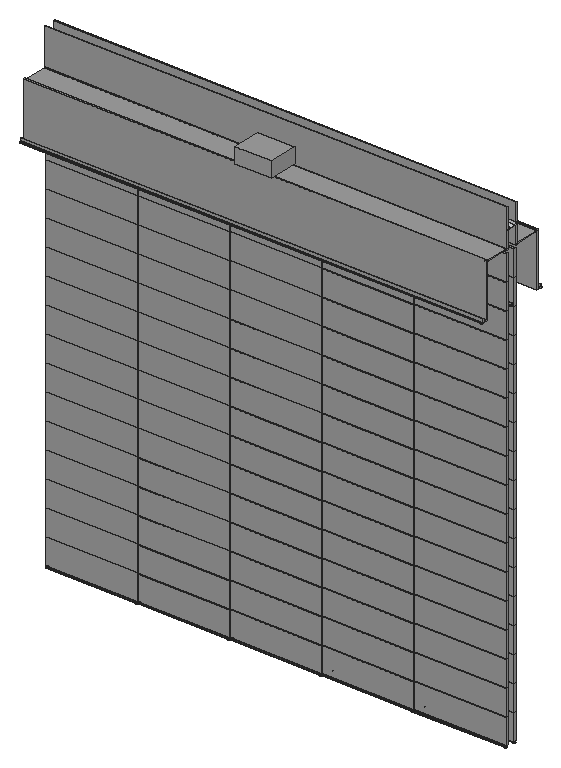
Revit family (continued)
Definition of nested family "2D Fold Panels"
  Lines and regions (in)
    detail lines, in view "Ref. Level"
      curve 14: line (-54.64888, 31.17531, 0) -> (-11.15205, 31.17531, 0)
      curve 15: line (-54.64888, 29.56525, 0) -> (-11.15205, 29.56525, 0)
      curve 16: line (-54.64888, 27.31525, 0) -> (-11.15205, 27.31525, 0)
      curve 17: line (-54.64888, 27.19025, 0) -> (-11.15205, 27.19025, 0)
      curve 18: line (-54.64888, 24.94025, 0) -> (-11.15205, 24.94025, 0)
      curve 19: line (-54.64888, 23.33019, 0) -> (-11.15205, 23.33019, 0)
      curve 20: line (-54.64888, 21.08019, 0) -> (-11.15205, 21.08019, 0)
      curve 21: line (-54.64888, 20.95519, 0) -> (-11.15205, 20.95519, 0)
      curve 22: line (-54.64888, 18.70519, 0) -> (-11.15205, 18.70519, 0)
      curve 23: line (-54.64888, 17.09513, 0) -> (-11.15205, 17.09513, 0)
      curve 24: line (-54.64888, 14.84513, 0) -> (-11.15205, 14.84513, 0)
      curve 25: line (-54.64888, 14.72013, 0) -> (-11.15205, 14.72013, 0)
      curve 26: line (-54.64888, 12.47013, 0) -> (-11.15205, 12.47013, 0)
      curve 27: line (-54.64888, 10.86006, 0) -> (-11.15205, 10.86006, 0)
      curve 28: line (-54.64888, 8.61006, 0) -> (-11.15205, 8.61006, 0)
      curve 29: line (-54.64888, 8.48506, 0) -> (-11.15205, 8.48506, 0)
      curve 30: line (-54.64888, 6.23506, 0) -> (-11.15205, 6.23506, 0)
      curve 31: line (-54.64888, 4.625, 0) -> (-11.15205, 4.625, 0)
      curve 32: line (-54.64888, 2.375, 0) -> (-11.15205, 2.375, 0)
      curve 33: line (-54.64888, 2.25, 0) -> (-11.15205, 2.25, 0)
      curve 34: line (-54.64888, 0, 0) -> (-11.15205, 0, 0)
      curve 35: line (55.67267, 52.1305, 0) -> (6.17584, 52.1305, 0)
      curve 36: line (55.67267, 49.8805, 0) -> (6.17584, 49.8805, 0)
      curve 37: line (55.67267, 48.27044, 0) -> (6.17584, 48.27044, 0)
      curve 38: line (55.67267, 46.02044, 0) -> (6.17584, 46.02044, 0)
      curve 39: line (55.67267, 45.89544, 0) -> (6.17584, 45.89544, 0)
      curve 40: line (55.67267, 43.64544, 0) -> (6.17584, 43.64544, 0)
      curve 41: line (55.67267, 42.03538, 0) -> (6.17584, 42.03538, 0)
      curve 42: line (55.67267, 39.78538, 0) -> (6.17584, 39.78538, 0)
      curve 43: line (55.67267, 39.66038, 0) -> (6.17584, 39.66038, 0)
      curve 44: line (55.67267, 37.41038, 0) -> (6.17584, 37.41038, 0)
      curve 45: line (55.67267, 35.80031, 0) -> (6.17584, 35.80031, 0)
      curve 46: line (55.67267, 33.55031, 0) -> (6.17584, 33.55031, 0)
      curve 47: line (55.67267, 33.42531, 0) -> (6.17584, 33.42531, 0)
      curve 48: line (55.67267, 31.17531, 0) -> (6.17584, 31.17531, 0)
      curve 49: line (55.67267, 29.56525, 0) -> (6.17584, 29.56525, 0)
      curve 50: line (55.67267, 27.31525, 0) -> (6.17584, 27.31525, 0)
      curve 51: line (55.67267, 27.19025, 0) -> (6.17584, 27.19025, 0)
      curve 52: line (55.67267, 24.94025, 0) -> (6.17584, 24.94025, 0)
      curve 53: line (55.67267, 23.33019, 0) -> (6.17584, 23.33019, 0)
      curve 54: line (55.67267, 21.08019, 0) -> (6.17584, 21.08019, 0)
      curve 55: line (55.67267, 20.95519, 0) -> (6.17584, 20.95519, 0)
      curve 56: line (55.67267, 18.70519, 0) -> (6.17584, 18.70519, 0)
      curve 57: line (55.67267, 17.09513, 0) -> (6.17584, 17.09513, 0)
      curve 58: line (55.67267, 14.84513, 0) -> (6.17584, 14.84513, 0)
      curve 59: line (55.67267, 14.72013, 0) -> (6.17584, 14.72013, 0)
      curve 60: line (55.67267, 12.47013, 0) -> (6.17584, 12.47013, 0)
      curve 61: line (55.67267, 10.86006, 0) -> (6.17584, 10.86006, 0)
      curve 62: line (55.67267, 8.61006, 0) -> (6.17584, 8.61006, 0)
      curve 63: line (55.67267, 8.48506, 0) -> (6.17584, 8.48506, 0)
      curve 64: line (55.67267, 6.23506, 0) -> (6.17584, 6.23506, 0)
      curve 65: line (55.67267, 4.625, 0) -> (6.17584, 4.625, 0)
      curve 66: line (55.67267, 2.375, 0) -> (6.17584, 2.375, 0)
      curve 67: line (55.67267, 2.25, 0) -> (6.17584, 2.25, 0)
      curve 68: line (55.67267, 0, 0) -> (6.17584, 0, 0)
      curve 69: line (-60.64888, 52.1305, 0) -> (-11.15205, 52.1305, 0)
      curve 70: line (-60.64888, 49.8805, 0) -> (-11.15205, 49.8805, 0)
      curve 71: line (-60.64888, 48.27044, 0) -> (-11.15205, 48.27044, 0)
      curve 72: line (-60.64888, 46.02044, 0) -> (-11.15205, 46.02044, 0)
      curve 73: line (-60.64888, 45.89544, 0) -> (-11.15205, 45.89544, 0)
      curve 74: line (-60.64888, 43.64544, 0) -> (-11.15205, 43.64544, 0)
      curve 75: line (-60.64888, 42.03538, 0) -> (-11.15205, 42.03538, 0)
      curve 76: line (-60.64888, 39.78538, 0) -> (-11.15205, 39.78538, 0)
      curve 77: line (-60.64888, 39.66038, 0) -> (-11.15205, 39.66038, 0)
      curve 78: line (-60.64888, 37.41038, 0) -> (-11.15205, 37.41038, 0)
      curve 79: line (-60.64888, 35.80031, 0) -> (-11.15205, 35.80031, 0)
      curve 80: line (-60.64888, 33.55031, 0) -> (-11.15205, 33.55031, 0)
      curve 81: line (-60.64888, 33.42531, 0) -> (-11.15205, 33.42531, 0)
      curve 82: line (-60.64888, 31.17531, 0) -> (-11.15205, 31.17531, 0)
      curve 83: line (-60.64888, 29.56525, 0) -> (-11.15205, 29.56525, 0)
      curve 84: line (-60.64888, 27.31525, 0) -> (-11.15205, 27.31525, 0)
      curve 85: line (-60.64888, 27.19025, 0) -> (-11.15205, 27.19025, 0)
      curve 86: line (-60.64888, 24.94025, 0) -> (-11.15205, 24.94025, 0)
      curve 87: line (-60.64888, 23.33019, 0) -> (-11.15205, 23.33019, 0)
      curve 88: line (-60.64888, 21.08019, 0) -> (-11.15205, 21.08019, 0)
      curve 89: line (-60.64888, 20.95519, 0) -> (-11.15205, 20.95519, 0)
      curve 90: line (-60.64888, 18.70519, 0) -> (-11.15205, 18.70519, 0)
      curve 91: line (-60.64888, 17.09513, 0) -> (-11.15205, 17.09513, 0)
      curve 92: line (-60.64888, 14.84513, 0) -> (-11.15205, 14.84513, 0)
      curve 93: line (-60.64888, 14.72013, 0) -> (-11.15205, 14.72013, 0)
      curve 94: line (-60.64888, 12.47013, 0) -> (-11.15205, 12.47013, 0)
      curve 95: line (-60.64888, 10.86006, 0) -> (-11.15205, 10.86006, 0)
      curve 96: line (-60.64888, 8.61006, 0) -> (-11.15205, 8.61006, 0)
      curve 97: line (-60.64888, 8.48506, 0) -> (-11.15205, 8.48506, 0)
      curve 98: line (-60.64888, 6.23506, 0) -> (-11.15205, 6.23506, 0)
      curve 99: line (-60.64888, 4.625, 0) -> (-11.15205, 4.625, 0)
      curve 100: line (-60.64888, 2.375, 0) -> (-11.15205, 2.375, 0)
      curve 101: line (-60.64888, 2.25, 0) -> (-11.15205, 2.25, 0)
      curve 102: line (-60.64888, 0, 0) -> (-11.15205, 0, 0)
  Dimensions and locks (in)
    equal spacing: plane 4, plane 3 "Center (Left/Right)", plane 5
    locked: plane 4 to plane 5 at 6.5
    "Panel_Height": plane 6 to plane 4
    "Panel_Height": plane 5 to plane 7
    aligned and locked: nested 2 to plane 4
    aligned and locked: nested 4 to plane 5
    aligned and locked: nested 1 to plane 1 "Center (Front/Back)"
    aligned and locked: plane 1 "Center (Front/Back)" to nested 2
    aligned and locked: nested 4 to plane 1 "Center (Front/Back)"
    aligned and locked: nested 3 to plane 1 "Center (Front/Back)"
    aligned and locked: plane 6 to nested 1
    aligned and locked: plane 7 to nested 3
  Automatic sketch dimensions
    plane 1 "Center (Front/Back)" to curve 102 = 0' - 0"
    plane 1 "Center (Front/Back)" to curve 34 = 0' - 0"
    curve 17 to plane 8 = 0' - 0"
    curve 101 to plane 8 = 0' - 0"
    curve 34 to plane 8 = 0' - 0"
    curve 100 to plane 8 = 0' - 0"
    curve 16 to plane 8 = 0' - 0"
    curve 99 to plane 8 = 0' - 0"
    curve 33 to plane 8 = 0' - 0"
    curve 98 to plane 8 = 0' - 0"
    curve 15 to plane 8 = 0' - 0"
    curve 97 to plane 8 = 0' - 0"
    curve 32 to plane 8 = 0' - 0"
    curve 96 to plane 8 = 0' - 0"
    curve 14 to plane 8 = 0' - 0"
    curve 95 to plane 8 = 0' - 0"
    curve 31 to plane 8 = 0' - 0"
    curve 94 to plane 8 = 0' - 0"
    curve 13 to plane 8 = 0' - 0"
    curve 30 to plane 8 = 0' - 0"
    curve 29 to plane 8 = 0' - 0"
    curve 92 to plane 8 = 0' - 0"
    curve 12 to plane 8 = 0' - 0"
    curve 91 to plane 8 = 0' - 0"
    curve 28 to plane 8 = 0' - 0"
    curve 90 to plane 8 = 0' - 0"
    curve 11 to plane 8 = 0' - 0"
    curve 89 to plane 8 = 0' - 0"
    curve 27 to plane 8 = 0' - 0"
    curve 88 to plane 8 = 0' - 0"
    curve 10 to plane 8 = 0' - 0"
    curve 87 to plane 8 = 0' - 0"
    curve 26 to plane 8 = 0' - 0"
    curve 86 to plane 8 = 0' - 0"
    curve 9 to plane 8 = 0' - 0"
    curve 85 to plane 8 = 0' - 0"
    curve 102 to plane 8 = 0' - 0"
    curve 25 to plane 8 = 0' - 0"
    curve 84 to plane 8 = 0' - 0"
    curve 8 to plane 8 = 0' - 0"
    curve 83 to plane 8 = 0' - 0"
    curve 24 to plane 8 = 0' - 0"
    curve 82 to plane 8 = 0' - 0"
    curve 7 to plane 8 = 0' - 0"
    curve 81 to plane 8 = 0' - 0"
    curve 23 to plane 8 = 0' - 0"
    curve 80 to plane 8 = 0' - 0"
    curve 6 to plane 8 = 0' - 0"
    curve 79 to plane 8 = 0' - 0"
    curve 22 to plane 8 = 0' - 0"
    curve 78 to plane 8 = 0' - 0"
    curve 5 to plane 8 = 0' - 0"
    curve 77 to plane 8 = 0' - 0"
    curve 21 to plane 8 = 0' - 0"
    curve 76 to plane 8 = 0' - 0"
    curve 4 to plane 8 = 0' - 0"
    curve 75 to plane 8 = 0' - 0"
    curve 20 to plane 8 = 0' - 0"
    curve 74 to plane 8 = 0' - 0"
    curve 3 to plane 8 = 0' - 0"
    curve 73 to plane 8 = 0' - 0"
    curve 19 to plane 8 = 0' - 0"
    curve 72 to plane 8 = 0' - 0"
    curve 2 to plane 8 = 0' - 0"
    curve 71 to plane 8 = 0' - 0"
    curve 18 to plane 8 = 0' - 0"
    curve 70 to plane 8 = 0' - 0"
    curve 1 to plane 8 = 0' - 0"
    curve 69 to plane 8 = 0' - 0"
    curve 93 to plane 8 = 0' - 0"
    plane 1 "Center (Front/Back)" to curve 68 = 0' - 0"
    plane 6 to curve 69 = 0' - 5.08923"
    curve 101 to plane 1 "Center (Front/Back)" = 0' - 2 1/4"
    plane 6 to curve 101 = 0' - 5.08923"
    curve 100 to curve 101 = 0' - 0"
    curve 99 to curve 100 = 0' - 0"
    curve 98 to curve 99 = 0' - 0"
    curve 97 to curve 98 = 0' - 0"
    curve 96 to curve 97 = 0' - 0"
    curve 95 to curve 96 = 0' - 0"
    curve 94 to curve 95 = 0' - 0"
    curve 93 to curve 94 = 0' - 0"
    curve 92 to curve 93 = 0' - 0"
    curve 91 to curve 92 = 0' - 0"
    curve 90 to curve 91 = 0' - 0"
    curve 89 to curve 90 = 0' - 0"
    curve 88 to curve 89 = 0' - 0"
    curve 87 to curve 88 = 0' - 0"
    curve 86 to curve 87 = 0' - 0"
    curve 85 to curve 86 = 0' - 0"
    curve 84 to curve 85 = 0' - 0"
    curve 83 to curve 84 = 0' - 0"
    curve 82 to curve 83 = 0' - 0"
    curve 81 to curve 82 = 0' - 0"
    curve 80 to curve 81 = 0' - 0"
    curve 79 to curve 80 = 0' - 0"
    curve 78 to curve 79 = 0' - 0"
    curve 77 to curve 78 = 0' - 0"
    curve 76 to curve 77 = 0' - 0"
    curve 75 to curve 76 = 0' - 0"
    curve 74 to curve 75 = 0' - 0"
    curve 73 to curve 74 = 0' - 0"
    curve 72 to curve 73 = 0' - 0"
    curve 71 to curve 72 = 0' - 0"
    curve 70 to curve 71 = 0' - 0"
    curve 102 to curve 101 = 0' - 0"
    plane 5 to curve 68 = 0' - 5.41394"
    plane 5 to curve 36 = 0' - 5.41394"
    curve 67 to curve 68 = 0' - 0"
    curve 37 to curve 36 = 0' - 0"
    curve 66 to curve 67 = 0' - 0"
    curve 38 to curve 37 = 0' - 0"
    curve 65 to curve 66 = 0' - 0"
    curve 39 to curve 38 = 0' - 0"
    curve 64 to curve 65 = 0' - 0"
    curve 40 to curve 39 = 0' - 0"
    curve 63 to curve 64 = 0' - 0"
    curve 41 to curve 40 = 0' - 0"
    curve 62 to curve 63 = 0' - 0"
    curve 42 to curve 41 = 0' - 0"
    curve 61 to curve 62 = 0' - 0"
    curve 43 to curve 42 = 0' - 0"
    curve 60 to curve 61 = 0' - 0"
    curve 44 to curve 43 = 0' - 0"
    curve 59 to curve 60 = 0' - 0"
    curve 45 to curve 44 = 0' - 0"
    curve 58 to curve 59 = 0' - 0"
    curve 46 to curve 45 = 0' - 0"
    curve 57 to curve 58 = 0' - 0"
    curve 47 to curve 46 = 0' - 0"
    curve 56 to curve 57 = 0' - 0"
    curve 48 to curve 47 = 0' - 0"
    curve 55 to curve 56 = 0' - 0"
    curve 49 to curve 48 = 0' - 0"
    curve 54 to curve 55 = 0' - 0"
    curve 50 to curve 49 = 0' - 0"
    curve 53 to curve 54 = 0' - 0"  (x2)
    curve 51 to curve 50 = 0' - 0"
    curve 52 to curve 53 = 0' - 0"  (x2)
    curve 35 to curve 36 = 0' - 0"  (x2)
    curve 51 to plane 7 = 0' - 5.08923"
    curve 54 to plane 7 = 0' - 5.08923"
    curve 50 to curve 51 = 0' - 0"
    curve 55 to curve 54 = 0' - 0"
    curve 49 to curve 50 = 0' - 0"
    curve 56 to curve 55 = 0' - 0"
    curve 48 to curve 49 = 0' - 0"
    curve 57 to curve 56 = 0' - 0"
    curve 47 to curve 48 = 0' - 0"
    curve 58 to curve 57 = 0' - 0"
    curve 46 to curve 47 = 0' - 0"
    curve 59 to curve 58 = 0' - 0"
    curve 45 to curve 46 = 0' - 0"
    curve 60 to curve 59 = 0' - 0"
    curve 44 to curve 45 = 0' - 0"
    curve 61 to curve 60 = 0' - 0"
    curve 43 to curve 44 = 0' - 0"
    curve 62 to curve 61 = 0' - 0"
    curve 42 to curve 43 = 0' - 0"
    curve 63 to curve 62 = 0' - 0"
    curve 41 to curve 42 = 0' - 0"
    curve 64 to curve 63 = 0' - 0"
    curve 40 to curve 41 = 0' - 0"
    curve 65 to curve 64 = 0' - 0"
    curve 39 to curve 40 = 0' - 0"
    curve 66 to curve 65 = 0' - 0"
    curve 38 to curve 39 = 0' - 0"
    curve 67 to curve 66 = 0' - 0"
    curve 37 to curve 38 = 0' - 0"
    curve 68 to curve 67 = 0' - 0"
    curve 36 to curve 37 = 0' - 0"
    curve 67 to plane 1 "Center (Front/Back)" = 0' - 2 1/4"
    curve 33 to plane 1 "Center (Front/Back)" = 0' - 2 1/4"
    curve 101 to curve 100 = 0' - 0 1/8"
    curve 33 to curve 32 = 0' - 0 1/8"
    curve 67 to curve 66 = 0' - 0 1/8"
    curve 100 to curve 31 = 0' - 2 1/4"
    curve 66 to curve 65 = 0' - 2 1/4"
    curve 99 to curve 31 = 0' - 0"
    curve 31 to curve 30 = 0' - 1.61006"
    curve 65 to curve 64 = 0' - 1.61006"
    curve 99 to curve 98 = 0' - 1.61006"
    curve 64 to curve 63 = 0' - 2 1/4"
    curve 98 to curve 97 = 0' - 2 1/4"
    curve 29 to curve 97 = 0' - 0"
    curve 63 to curve 62 = 0' - 0 1/8"
    curve 97 to curve 28 = 0' - 0 1/8"
    curve 96 to curve 28 = 0' - 0"
    curve 96 to curve 95 = 0' - 2 1/4"
    curve 28 to curve 27 = 0' - 2 1/4"
    curve 62 to curve 61 = 0' - 2 1/4"
    curve 95 to curve 94 = 0' - 1.61006"
    curve 27 to curve 26 = 0' - 1.61006"
    curve 61 to curve 60 = 0' - 1.61006"
    curve 94 to curve 25 = 0' - 2 1/4"
    curve 60 to curve 59 = 0' - 2 1/4"
    curve 93 to curve 25 = 0' - 0"
    curve 93 to curve 24 = 0' - 0 1/8"
    curve 93 to curve 92 = 0' - 0 1/8"
    curve 59 to curve 58 = 0' - 0 1/8"
    curve 24 to curve 23 = 0' - 2 1/4"
    curve 58 to curve 57 = 0' - 2 1/4"
    curve 91 to curve 23 = 0' - 0"
    curve 91 to curve 90 = 0' - 1.61006"
    curve 23 to curve 22 = 0' - 1.61006"
    curve 57 to curve 56 = 0' - 1.61006"
    curve 90 to curve 89 = 0' - 2 1/4"
    curve 56 to curve 55 = 0' - 2 1/4"
    curve 22 to curve 21 = 0' - 2 1/4"
    curve 89 to curve 88 = 0' - 0 1/8"
    curve 20 to curve 88 = 0' - 0"
    curve 55 to curve 54 = 0' - 0 1/8"
    curve 88 to curve 87 = 0' - 2 1/4"
    curve 20 to curve 19 = 0' - 2 1/4"
    curve 54 to curve 53 = 0' - 2 1/4"
    curve 87 to curve 86 = 0' - 1.61006"
    curve 19 to curve 18 = 0' - 1.61006"
    curve 53 to curve 52 = 0' - 1.61006"
    curve 52 to curve 51 = 0' - 2 1/4"
    curve 86 to curve 17 = 0' - 2 1/4"
    curve 85 to curve 17 = 0' - 0"
    curve 51 to curve 50 = 0' - 0 1/8"
    curve 17 to curve 16 = 0' - 0 1/8"
    curve 85 to curve 84 = 0' - 0 1/8"
    curve 50 to curve 49 = 0' - 2 1/4"
    curve 84 to curve 83 = 0' - 2 1/4"
    curve 16 to curve 15 = 0' - 2 1/4"
    curve 83 to curve 82 = 0' - 1.61006"
    curve 15 to curve 14 = 0' - 1.61006"
    curve 49 to curve 48 = 0' - 1.61006"
    curve 82 to curve 81 = 0' - 2 1/4"
    curve 14 to curve 13 = 0' - 2 1/4"
    curve 48 to curve 47 = 0' - 2 1/4"
    curve 81 to curve 12 = 0' - 0 1/8"
    curve 47 to curve 46 = 0' - 0 1/8"
    curve 80 to curve 12 = 0' - 0"
    curve 12 to curve 11 = 0' - 2 1/4"
    curve 79 to curve 11 = 0' - 0"
    curve 46 to curve 45 = 0' - 2 1/4"
    curve 45 to curve 44 = 0' - 1.61006"
    curve 79 to curve 78 = 0' - 1.61006"
    curve 10 to curve 78 = 0' - 0"
    curve 44 to curve 43 = 0' - 2 1/4"
    curve 78 to curve 77 = 0' - 2 1/4"
    curve 10 to curve 9 = 0' - 2 1/4"
    curve 77 to curve 76 = 0' - 0 1/8"
    curve 8 to curve 76 = 0' - 0"
    curve 43 to curve 42 = 0' - 0 1/8"
    curve 42 to curve 41 = 0' - 2 1/4"
    curve 76 to curve 75 = 0' - 2 1/4"
    curve 7 to curve 75 = 0' - 0"
    curve 75 to curve 74 = 0' - 1.61006"
    curve 6 to curve 74 = 0' - 0"
    curve 41 to curve 40 = 0' - 1.61006"
    curve 74 to curve 73 = 0' - 2 1/4"
    curve 6 to curve 5 = 0' - 2 1/4"
    curve 40 to curve 39 = 0' - 2 1/4"
    curve 39 to curve 38 = 0' - 0 1/8"
    curve 73 to curve 72 = 0' - 0 1/8"
    curve 4 to curve 72 = 0' - 0"
    curve 38 to curve 37 = 0' - 2 1/4"
    curve 72 to curve 3 = 0' - 2 1/4"
    curve 71 to curve 3 = 0' - 0"
    curve 71 to curve 70 = 0' - 1.61006"
    curve 3 to curve 2 = 0' - 1.61006"
    curve 37 to curve 36 = 0' - 1.61006"
    curve 36 to curve 35 = 0' - 2 1/4"
    curve 70 to curve 69 = 0' - 2 1/4"
    curve 1 to curve 69 = 0' - 0"
    curve 86 to curve 18 = 0' - 6"
    curve 70 to curve 2 = 0' - 6"
    curve 19 to curve 18 = 0' - 0"
    curve 3 to curve 2 = 0' - 0"
    curve 20 to curve 19 = 0' - 0"
    curve 4 to curve 3 = 0' - 0"
    curve 21 to curve 20 = 0' - 0"
    curve 5 to curve 4 = 0' - 0"
    curve 22 to curve 21 = 0' - 0"
    curve 6 to curve 5 = 0' - 0"
    curve 23 to curve 22 = 0' - 0"
    curve 7 to curve 6 = 0' - 0"
    curve 24 to curve 23 = 0' - 0"
    curve 8 to curve 7 = 0' - 0"
    curve 25 to curve 24 = 0' - 0"
    curve 9 to curve 8 = 0' - 0"
    curve 26 to curve 25 = 0' - 0"
    curve 10 to curve 9 = 0' - 0"
    curve 27 to curve 26 = 0' - 0"
    curve 11 to curve 10 = 0' - 0"
    curve 28 to curve 27 = 0' - 0"
    curve 12 to curve 11 = 0' - 0"
    curve 29 to curve 28 = 0' - 0"
    curve 13 to curve 12 = 0' - 0"
    curve 30 to curve 29 = 0' - 0"
    curve 1 to curve 2 = 0' - 0"
    curve 31 to curve 30 = 0' - 0"
    curve 14 to curve 13 = 0' - 0"
    curve 32 to curve 31 = 0' - 0"
    curve 15 to curve 14 = 0' - 0"
    curve 33 to curve 32 = 0' - 0"
    curve 16 to curve 15 = 0' - 0"
    curve 34 to curve 33 = 0' - 0"
    curve 17 to curve 16 = 0' - 0"
  Nested families (in)
    nested 1: "Ext panels" at (-57.49724, 0, 0), type "Panels", in view "Ref. Level"
    nested 2: "Int Panels" at (11.93663, 0, 0), type "Panels", in view "Ref. Level"
    nested 3: "Ext panels" at (52.52102, 0, 0) x (-1, 0, 0) z (0, 0, 1), type "Panels", in view "Ref. Level"
    nested 4: "Int Panels" at (-16.91285, 0, 0) x (-1, 0, 0) z (0, 0, 1), type "Panels", in view "Ref. Level"
  Definition of nested family "Ext panels"
    Parameters (values of type "Panels")
      Assembly Code = ""
    Reference planes (in)
      plane 1 "Center (Front/Back)": y = 0
      plane 2: z = 0
      plane 3 "Center (Left/Right)": x = 0
    Lines and regions (in)
      model lines, style "DetailComponents", in view "Ref. Level"
        curve 1: arc (-9.21803, 50.92069, 0) -> (-9.39261, 51.38271, 0) -> (-8.90068, 51.4268, 0) r 0.31008
        curve 2: line (-3.15164, 2.25, 0) -> (-7.51926, 2.25, 0)
        curve 3: line (-7.51926, 2.25, 0) -> (-8.31196, 1.4573, 0)
        curve 4: line (-8.31196, 1.4573, 0) -> (-8.31196, 0, 0)
        curve 5: line (-8.31196, 0, 0) -> (-3.15164, 0, 0)
        curve 6: line (-3.15164, 49.8805, 0) -> (-8.24087, 49.8805, 0)
        curve 7: line (-8.24087, 49.8805, 0) -> (-8.2437, 50.13046, 0)
        curve 8: line (-8.2437, 50.13046, 0) -> (-9.21803, 50.92069, 0)
        curve 9: line (-8.90068, 51.4268, 0) -> (-8.34502, 50.51358, 0)
        curve 10: line (-8.34502, 50.51358, 0) -> (-8.20887, 50.50319, 0)
        curve 11: line (-8.20887, 50.50319, 0) -> (-8.20887, 50.6305, 0)
        curve 12: line (-8.20887, 50.6305, 0) -> (-7.94087, 50.6305, 0)
        curve 13: line (-7.94087, 50.6305, 0) -> (-7.94087, 51.3805, 0)
        curve 14: line (-7.94087, 51.3805, 0) -> (-7.19087, 52.1305, 0)
        curve 15: line (-7.19087, 52.1305, 0) -> (-3.15164, 52.1305, 0)
        curve 16: line (-3.15164, 39.78538, 0) -> (-7.45687, 39.78538, 0)
        curve 17: line (-7.45687, 39.78538, 0) -> (-8.24087, 40.56938, 0)
        curve 18: line (-8.24087, 40.56938, 0) -> (-8.24087, 42.03538, 0)
        curve 19: line (-8.24087, 42.03538, 0) -> (-3.15164, 42.03538, 0)
        curve 20: line (-3.15164, 37.41038, 0) -> (-8.24087, 37.41038, 0)
        curve 21: line (-8.24087, 37.41038, 0) -> (-8.24087, 38.87638, 0)
        curve 22: line (-8.24087, 38.87638, 0) -> (-7.45687, 39.66038, 0)
        curve 23: line (-7.45687, 39.66038, 0) -> (-3.15164, 39.66038, 0)
        curve 24: line (-3.15164, 2.375, 0) -> (-7.52796, 2.375, 0)
        curve 25: line (-7.52796, 2.375, 0) -> (-8.31196, 3.159, 0)
        curve 26: line (-8.31196, 3.159, 0) -> (-8.31196, 4.625, 0)
        curve 27: line (-8.31196, 4.625, 0) -> (-3.15164, 4.625, 0)
      detail lines, style "DetailComponents", in view "Ref. Level"
        curve 28: line (-3.15164, 8.61006, 0) -> (-7.45687, 8.61006, 0)
        curve 29: line (-7.45687, 8.61006, 0) -> (-8.24087, 9.39406, 0)
        curve 30: line (-8.24087, 9.39406, 0) -> (-8.24087, 10.86006, 0)
        curve 31: line (-8.24087, 10.86006, 0) -> (-3.15164, 10.86006, 0)
        curve 32: line (-3.15164, 6.23506, 0) -> (-8.24087, 6.23506, 0)
        curve 33: line (-8.24087, 6.23506, 0) -> (-8.24087, 7.70106, 0)
        curve 34: line (-8.24087, 7.70106, 0) -> (-7.45687, 8.48506, 0)
        curve 35: line (-7.45687, 8.48506, 0) -> (-3.15164, 8.48506, 0)
        curve 36: line (-3.15164, 14.84513, 0) -> (-7.45687, 14.84513, 0)
        curve 37: line (-7.45687, 14.84513, 0) -> (-8.24087, 15.62913, 0)
        curve 38: line (-8.24087, 15.62913, 0) -> (-8.24087, 17.09513, 0)
        curve 39: line (-8.24087, 17.09513, 0) -> (-3.15164, 17.09513, 0)
        curve 40: line (-3.15164, 12.47013, 0) -> (-8.24087, 12.47013, 0)
        curve 41: line (-8.24087, 12.47013, 0) -> (-8.24087, 13.93613, 0)
        curve 42: line (-8.24087, 13.93613, 0) -> (-7.45687, 14.72013, 0)
        curve 43: line (-7.45687, 14.72013, 0) -> (-3.15164, 14.72013, 0)
        curve 44: line (-2.92518, 21.08019, 0) -> (-7.23041, 21.08019, 0)
        curve 45: line (-7.23041, 21.08019, 0) -> (-8.01441, 21.86419, 0)
        curve 46: line (-8.01441, 21.86419, 0) -> (-8.01441, 23.33019, 0)
        curve 47: line (-8.01441, 23.33019, 0) -> (-2.92518, 23.33019, 0)
        curve 48: line (-2.92518, 18.70519, 0) -> (-8.01441, 18.70519, 0)
        curve 49: line (-8.01441, 18.70519, 0) -> (-8.01441, 20.17119, 0)
        curve 50: line (-8.01441, 20.17119, 0) -> (-7.23041, 20.95519, 0)
        curve 51: line (-7.23041, 20.95519, 0) -> (-2.92518, 20.95519, 0)
        curve 52: line (-2.92518, 27.31525, 0) -> (-7.23041, 27.31525, 0)
        curve 53: line (-7.23041, 27.31525, 0) -> (-8.01441, 28.09925, 0)
        curve 54: line (-8.01441, 28.09925, 0) -> (-8.01441, 29.56525, 0)
        curve 55: line (-8.01441, 29.56525, 0) -> (-2.92518, 29.56525, 0)
        curve 56: line (-2.92518, 24.94025, 0) -> (-8.01441, 24.94025, 0)
        curve 57: line (-8.01441, 24.94025, 0) -> (-8.01441, 26.40625, 0)
        curve 58: line (-8.01441, 26.40625, 0) -> (-7.23041, 27.19025, 0)
        curve 59: line (-7.23041, 27.19025, 0) -> (-2.92518, 27.19025, 0)
        curve 60: line (-3.15164, 33.55031, 0) -> (-7.45687, 33.55031, 0)
        curve 61: line (-7.45687, 33.55031, 0) -> (-8.24087, 34.33431, 0)
        curve 62: line (-8.24087, 34.33431, 0) -> (-8.24087, 35.80031, 0)
        curve 63: line (-8.24087, 35.80031, 0) -> (-3.15164, 35.80031, 0)
        curve 64: line (-3.15164, 31.17531, 0) -> (-8.24087, 31.17531, 0)
        curve 65: line (-8.24087, 31.17531, 0) -> (-8.24087, 32.64131, 0)
        curve 66: line (-8.24087, 32.64131, 0) -> (-7.45687, 33.42531, 0)
        curve 67: line (-7.45687, 33.42531, 0) -> (-3.15164, 33.42531, 0)
        curve 68: line (-3.15164, 46.02044, 0) -> (-7.45687, 46.02044, 0)
        curve 69: line (-7.45687, 46.02044, 0) -> (-8.24087, 46.80444, 0)
        curve 70: line (-8.24087, 46.80444, 0) -> (-8.24087, 48.27044, 0)
        curve 71: line (-8.24087, 48.27044, 0) -> (-3.15164, 48.27044, 0)
        curve 72: line (-3.15164, 43.64544, 0) -> (-8.24087, 43.64544, 0)
        curve 73: line (-8.24087, 43.64544, 0) -> (-8.24087, 45.11144, 0)
        curve 74: line (-8.24087, 45.11144, 0) -> (-7.45687, 45.89544, 0)
        curve 75: line (-7.45687, 45.89544, 0) -> (-3.15164, 45.89544, 0)
  Definition of nested family "Int Panels"
    Parameters (values of type "Panels")
      Assembly Code = ""
    Reference planes (in)
      plane 1 "Center (Front/Back)": y = 0
      plane 2: z = 0
      plane 3 "Center (Left/Right)": x = -12.78401
    Lines and regions (in)
      model lines, style "DetailComponents", in view "Ref. Level"
        curve 1: arc (-16.42711, 0.06825, 0) -> (-16.12453, 0.15463, 0) -> (-15.98668, 0.4375, 0) r 0.38616
        curve 2: arc (-15.98668, 0.4375, 0) -> (-16.10886, 0.72219, 0) -> (-16.406, 0.80987, 0) r 0.36427
        curve 3: line (-23.08868, 4.625, 0) -> (-17.74583, 4.625, 0)
        curve 4: line (-17.74583, 4.625, 0) -> (-17.74583, 4.375, 0)
        curve 5: line (-17.74583, 4.375, 0) -> (-18.24583, 4.375, 0)
        curve 6: line (-18.24583, 4.375, 0) -> (-18.24583, 3.125, 0)
        curve 7: line (-18.24583, 3.125, 0) -> (-18.99583, 2.375, 0)
        curve 8: line (-18.99583, 2.375, 0) -> (-23.08868, 2.375, 0)
        curve 9: line (-23.08868, 42.03538, 0) -> (-17.67474, 42.03538, 0)
        curve 10: line (-17.67474, 42.03538, 0) -> (-17.67474, 41.78538, 0)
        curve 11: line (-17.67474, 41.78538, 0) -> (-18.17474, 41.78538, 0)
        curve 12: line (-18.17474, 41.78538, 0) -> (-18.17474, 40.53538, 0)
        curve 13: line (-18.17474, 40.53538, 0) -> (-18.92474, 39.78538, 0)
        curve 14: line (-18.92474, 39.78538, 0) -> (-23.08868, 39.78538, 0)
        curve 15: line (-23.08868, 39.66038, 0) -> (-18.45674, 39.66038, 0)
        curve 16: line (-18.45674, 39.66038, 0) -> (-17.67474, 38.87838, 0)
        curve 17: line (-17.67474, 38.87838, 0) -> (-17.67474, 37.41038, 0)
        curve 18: line (-17.67474, 37.41038, 0) -> (-23.08868, 37.41038, 0)
        curve 19: line (-23.08868, 52.1305, 0) -> (-18.45874, 52.1305, 0)
        curve 20: line (-18.45874, 52.1305, 0) -> (-17.67474, 51.3465, 0)
        curve 21: line (-17.67474, 51.3465, 0) -> (-17.67474, 49.8805, 0)
        curve 22: line (-17.67474, 49.8805, 0) -> (-23.08868, 49.8805, 0)
        curve 23: line (-23.08868, 0, 0) -> (-17.74583, 0, 0)
        curve 24: line (-17.74583, 0, 0) -> (-17.74583, 0.24995, 0)
        curve 25: line (-17.74583, 0.24995, 0) -> (-16.42711, 0.06825, 0)
        curve 26: line (-16.406, 0.80987, 0) -> (-17.60053, 0.63308, 0)
        curve 27: line (-17.60053, 0.63308, 0) -> (-17.76913, 0.62124, 0)
        curve 28: line (-17.76913, 0.62124, 0) -> (-17.76913, 1.5, 0)
        curve 29: line (-17.76913, 1.5, 0) -> (-18.51913, 2.25, 0)
        curve 30: line (-18.51913, 2.25, 0) -> (-23.08868, 2.25, 0)
      detail lines, style "DetailComponents", in view "Ref. Level"
        curve 31: line (-23.08868, 10.86006, 0) -> (-17.67474, 10.86006, 0)
        curve 32: line (-17.67474, 10.86006, 0) -> (-17.67474, 10.61006, 0)
        curve 33: line (-17.67474, 10.61006, 0) -> (-18.17474, 10.61006, 0)
        curve 34: line (-18.17474, 10.61006, 0) -> (-18.17474, 9.36006, 0)
        curve 35: line (-18.17474, 9.36006, 0) -> (-18.92474, 8.61006, 0)
        curve 36: line (-18.92474, 8.61006, 0) -> (-23.08868, 8.61006, 0)
        curve 37: line (-23.08868, 8.48506, 0) -> (-18.45674, 8.48506, 0)
        curve 38: line (-18.45674, 8.48506, 0) -> (-17.67474, 7.70306, 0)
        curve 39: line (-17.67474, 7.70306, 0) -> (-17.67474, 6.23506, 0)
        curve 40: line (-17.67474, 6.23506, 0) -> (-23.08868, 6.23506, 0)
        curve 41: line (-23.08868, 17.09513, 0) -> (-17.67474, 17.09513, 0)
        curve 42: line (-17.67474, 17.09513, 0) -> (-17.67474, 16.84513, 0)
        curve 43: line (-17.67474, 16.84513, 0) -> (-18.17474, 16.84513, 0)
        curve 44: line (-18.17474, 16.84513, 0) -> (-18.17474, 15.59513, 0)
        curve 45: line (-18.17474, 15.59513, 0) -> (-18.92474, 14.84513, 0)
        curve 46: line (-18.92474, 14.84513, 0) -> (-23.08868, 14.84513, 0)
        curve 47: line (-23.08868, 14.72013, 0) -> (-18.45674, 14.72013, 0)
        curve 48: line (-18.45674, 14.72013, 0) -> (-17.67474, 13.93813, 0)
        curve 49: line (-17.67474, 13.93813, 0) -> (-17.67474, 12.47013, 0)
        curve 50: line (-17.67474, 12.47013, 0) -> (-23.08868, 12.47013, 0)
        curve 51: line (-23.08868, 23.33019, 0) -> (-17.67474, 23.33019, 0)
        curve 52: line (-17.67474, 23.33019, 0) -> (-17.67474, 23.08019, 0)
        curve 53: line (-17.67474, 23.08019, 0) -> (-18.17474, 23.08019, 0)
        curve 54: line (-18.17474, 23.08019, 0) -> (-18.17474, 21.83019, 0)
        curve 55: line (-18.17474, 21.83019, 0) -> (-18.92474, 21.08019, 0)
        curve 56: line (-18.92474, 21.08019, 0) -> (-23.08868, 21.08019, 0)
        curve 57: line (-23.08868, 20.95519, 0) -> (-18.45674, 20.95519, 0)
        curve 58: line (-18.45674, 20.95519, 0) -> (-17.67474, 20.17319, 0)
        curve 59: line (-17.67474, 20.17319, 0) -> (-17.67474, 18.70519, 0)
        curve 60: line (-17.67474, 18.70519, 0) -> (-23.08868, 18.70519, 0)
        curve 61: line (-23.08868, 29.56525, 0) -> (-17.67474, 29.56525, 0)
        curve 62: line (-17.67474, 29.56525, 0) -> (-17.67474, 29.31525, 0)
        curve 63: line (-17.67474, 29.31525, 0) -> (-18.17474, 29.31525, 0)
        curve 64: line (-18.17474, 29.31525, 0) -> (-18.17474, 28.06525, 0)
        curve 65: line (-18.17474, 28.06525, 0) -> (-18.92474, 27.31525, 0)
        curve 66: line (-18.92474, 27.31525, 0) -> (-23.08868, 27.31525, 0)
        curve 67: line (-23.08868, 27.19025, 0) -> (-18.45674, 27.19025, 0)
        curve 68: line (-18.45674, 27.19025, 0) -> (-17.67474, 26.40825, 0)
        curve 69: line (-17.67474, 26.40825, 0) -> (-17.67474, 24.94025, 0)
        curve 70: line (-17.67474, 24.94025, 0) -> (-23.08868, 24.94025, 0)
        curve 71: line (-23.08868, 35.80031, 0) -> (-17.67474, 35.80031, 0)
        curve 72: line (-17.67474, 35.80031, 0) -> (-17.67474, 35.55031, 0)
        curve 73: line (-17.67474, 35.55031, 0) -> (-18.17474, 35.55031, 0)
        curve 74: line (-18.17474, 35.55031, 0) -> (-18.17474, 34.30031, 0)
        curve 75: line (-18.17474, 34.30031, 0) -> (-18.92474, 33.55031, 0)
        curve 76: line (-18.92474, 33.55031, 0) -> (-23.08868, 33.55031, 0)
        curve 77: line (-23.08868, 33.42531, 0) -> (-18.45674, 33.42531, 0)
        curve 78: line (-18.45674, 33.42531, 0) -> (-17.67474, 32.64331, 0)
        curve 79: line (-17.67474, 32.64331, 0) -> (-17.67474, 31.17531, 0)
        curve 80: line (-17.67474, 31.17531, 0) -> (-23.08868, 31.17531, 0)
        curve 81: line (-23.08868, 48.27044, 0) -> (-17.67474, 48.27044, 0)
        curve 82: line (-17.67474, 48.27044, 0) -> (-17.67474, 48.02044, 0)
        curve 83: line (-17.67474, 48.02044, 0) -> (-18.17474, 48.02044, 0)
        curve 84: line (-18.17474, 48.02044, 0) -> (-18.17474, 46.77044, 0)
        curve 85: line (-18.17474, 46.77044, 0) -> (-18.92474, 46.02044, 0)
        curve 86: line (-18.92474, 46.02044, 0) -> (-23.08868, 46.02044, 0)
        curve 87: line (-23.08868, 45.89544, 0) -> (-18.45674, 45.89544, 0)
        curve 88: line (-18.45674, 45.89544, 0) -> (-17.67474, 45.11344, 0)
        curve 89: line (-17.67474, 45.11344, 0) -> (-17.67474, 43.64544, 0)
        curve 90: line (-17.67474, 43.64544, 0) -> (-23.08868, 43.64544, 0)
Definition of nested family "2D Unfold Panels"
  Parameters (values of type "Unfold Panels")
    Wall thickness = 0' - 11 3/4"
    Distance_Between_Panels = 4' - 0"
    Assembly Code = ""
  Reference planes (in)
    plane 1: z = 0
    plane 2 "Center (Left/Right)": x = -0.77266
    plane 3: y = 92
    plane 4: y = 44
    plane 5: y = -4
    plane 6: y = -52
    plane 7: y = -100
    plane 8: y = -148
    plane 9: y = -196
    plane 10: y = -244
    plane 11: y = -292
    plane 12: y = -340
    plane 13: y = -388
    plane 14: y = -436
    plane 15: y = -484
    plane 16: y = -532
    plane 17: y = -580
    plane 18: y = -628
    plane 19: y = -676
    plane 20: y = -724
    plane 21: y = -723.57812
    plane 22: x = 5.10234
    plane 23: x = -6.64766
  Lines and regions (in)
    detail lines, in view "Ref. Level"
      curve 1: line (-6.64766, 87.75359, 0) -> (-6.64766, 47.81444, 0)
      curve 2: line (-4.39754, 87.75359, 0) -> (-4.39754, 47.81444, 0)
      curve 3: line (-4.39754, 0.20598, 0) -> (-4.39754, 40.95984, 0)
      curve 4: line (-6.64766, 40.95984, 0) -> (-6.64766, 0.20598, 0)
      curve 5: line (-6.64766, -6.53511, 0) -> (-6.64766, -47.91754, 0)
      curve 6: line (-4.39754, -6.53511, 0) -> (-4.39754, -47.91754, 0)
      curve 7: line (-4.39754, -54.54016, 0) -> (-4.39754, -95.79402, 0)
      curve 8: line (-6.64766, -95.79402, 0) -> (-6.64766, -54.54016, 0)
      curve 9: line (-6.64766, -294.00081, 0) -> (-6.64766, -335.91754, 0)
      curve 10: line (-4.39754, -294.03511, 0) -> (-4.39754, -335.91754, 0)
      curve 11: line (-6.64766, -102.53511, 0) -> (-6.64766, -143.91754, 0)
      curve 12: line (-4.39754, -102.53511, 0) -> (-4.39754, -143.91754, 0)
      curve 13: line (-4.39754, -246.54016, 0) -> (-4.39754, -287.79402, 0)
      curve 14: line (-6.64766, -287.79402, 0) -> (-6.64766, -246.54016, 0)
      curve 15: line (-4.39754, -150.54016, 0) -> (-4.39754, -191.79402, 0)
      curve 16: line (-6.64766, -191.79402, 0) -> (-6.64766, -150.54016, 0)
      curve 17: line (-6.64766, -198.53511, 0) -> (-6.64766, -239.91754, 0)
      curve 18: line (-4.39754, -198.53511, 0) -> (-4.39754, -239.91754, 0)
      curve 19: line (-4.39754, -342.54016, 0) -> (-4.39754, -383.79402, 0)
      curve 20: line (-6.64766, -383.79402, 0) -> (-6.64766, -342.54016, 0)
      curve 21: line (-4.39754, -391.03511, 0) -> (-4.39754, -431.91754, 0)
      curve 22: line (-6.64766, -391.00081, 0) -> (-6.64766, -431.91754, 0)
      curve 23: line (-4.39754, -438.54016, 0) -> (-4.39754, -479.79402, 0)
      curve 24: line (-6.64766, -479.79402, 0) -> (-6.64766, -438.54016, 0)
      curve 25: line (-4.39754, -583.03511, 0) -> (-4.39754, -623.91754, 0)
      curve 26: line (-6.64766, -583.00081, 0) -> (-6.64766, -623.91754, 0)
      curve 27: line (-4.39754, -487.03511, 0) -> (-4.39754, -527.91754, 0)
      curve 28: line (-6.64766, -487.00081, 0) -> (-6.64766, -527.91754, 0)
      curve 29: line (-4.39754, -534.54016, 0) -> (-4.39754, -575.79402, 0)
      curve 30: line (-6.64766, -575.79402, 0) -> (-6.64766, -534.54016, 0)
      curve 31: line (-4.39754, -679.03511, 0) -> (-4.39754, -719.75359, 0)
      curve 32: line (-6.64766, -679.00081, 0) -> (-6.64766, -719.75359, 0)
      curve 33: line (-4.39754, -630.54016, 0) -> (-4.39754, -671.79402, 0)
      curve 34: line (-6.64766, -671.79402, 0) -> (-6.64766, -630.54016, 0)
      curve 35: line (5.10234, 87.75359, 0) -> (5.10234, 47.81444, 0)
      curve 36: line (2.85223, 87.75359, 0) -> (2.85223, 47.81444, 0)
      curve 37: line (2.85223, 0.20598, 0) -> (2.85223, 40.95984, 0)
      curve 38: line (5.10234, 40.95984, 0) -> (5.10234, 0.20598, 0)
      curve 39: line (5.10234, -6.53511, 0) -> (5.10234, -47.91754, 0)
      curve 40: line (2.85223, -6.53511, 0) -> (2.85223, -47.91754, 0)
      curve 41: line (2.85223, -54.54016, 0) -> (2.85223, -95.79402, 0)
      curve 42: line (5.10234, -95.79402, 0) -> (5.10234, -54.54016, 0)
      curve 43: line (5.10234, -294.00081, 0) -> (5.10234, -335.91754, 0)
      curve 44: line (2.85223, -294.03511, 0) -> (2.85223, -335.91754, 0)
      curve 45: line (5.10234, -102.53511, 0) -> (5.10234, -143.91754, 0)
      curve 46: line (2.85223, -102.53511, 0) -> (2.85223, -143.91754, 0)
      curve 47: line (2.85223, -246.54016, 0) -> (2.85223, -287.79402, 0)
      curve 48: line (5.10234, -287.79402, 0) -> (5.10234, -246.54016, 0)
      curve 49: line (2.85223, -150.54016, 0) -> (2.85223, -191.79402, 0)
      curve 50: line (5.10234, -191.79402, 0) -> (5.10234, -150.54016, 0)
      curve 51: line (5.10234, -198.53511, 0) -> (5.10234, -239.91754, 0)
      curve 52: line (2.85223, -198.53511, 0) -> (2.85223, -239.91754, 0)
      curve 53: line (2.85223, -342.54016, 0) -> (2.85223, -383.79402, 0)
      curve 54: line (5.10234, -383.79402, 0) -> (5.10234, -342.54016, 0)
      curve 55: line (2.85223, -391.03511, 0) -> (2.85223, -431.91754, 0)
      curve 56: line (5.10234, -391.00081, 0) -> (5.10234, -431.91754, 0)
      curve 57: line (2.85223, -438.54016, 0) -> (2.85223, -479.79402, 0)
      curve 58: line (5.10234, -479.79402, 0) -> (5.10234, -438.54016, 0)
      curve 59: line (2.85223, -583.03511, 0) -> (2.85223, -623.91754, 0)
      curve 60: line (5.10234, -583.00081, 0) -> (5.10234, -623.91754, 0)
      curve 61: line (2.85223, -487.03511, 0) -> (2.85223, -527.91754, 0)
      curve 62: line (5.10234, -487.00081, 0) -> (5.10234, -527.91754, 0)
      curve 63: line (2.85223, -534.54016, 0) -> (2.85223, -575.79402, 0)
      curve 64: line (5.10234, -575.79402, 0) -> (5.10234, -534.54016, 0)
      curve 65: line (2.85223, -679.03511, 0) -> (2.85223, -719.75359, 0)
      curve 66: line (5.10234, -679.00081, 0) -> (5.10234, -719.75359, 0)
      curve 67: line (2.85223, -630.54016, 0) -> (2.85223, -671.79402, 0)
      curve 68: line (5.10234, -671.79402, 0) -> (5.10234, -630.54016, 0)
  Dimensions and locks (in)
    "Distance_Between_Panels": plane 4 to plane 3
    equal spacing: plane 20, plane 19, plane 18, plane 17, plane 16, plane 15, plane 14, plane 13, plane 12, plane 11, plane 10, plane 9, plane 8, plane 7, plane 6, plane 5, plane 4, plane 3
    locked: plane 21 to plane 20 at 0.42188
    equal spacing: plane 23, plane 2 "Center (Left/Right)", plane 22
    "Wall thickness": plane 23 to plane 22
    aligned and locked: plane 2 "Center (Left/Right)" to nested 1
    aligned and locked: plane 2 "Center (Left/Right)" to nested 2
    aligned and locked: plane 2 "Center (Left/Right)" to nested 4
    aligned and locked: nested 4 to nested 3
    aligned and locked: plane 2 "Center (Left/Right)" to nested 5
    aligned and locked: plane 3 to nested 5
    aligned: plane 4 to nested 3
    aligned: plane 5 to nested 4
    aligned: plane 6 to nested 2
    aligned: plane 9 to nested 1
    aligned: nested 1 to plane 9
    aligned: plane 8 to nested 6
    aligned: plane 7 to nested 7
    aligned and locked: nested 2 to plane 6
    aligned and locked: nested 4 to plane 5
    aligned and locked: nested 3 to plane 4
    aligned and locked: nested 9 to plane 9
    aligned and locked: nested 8 to plane 8
    aligned and locked: nested 7 to plane 7
    aligned and locked: nested 1 to plane 11
    aligned and locked: nested 6 to plane 10
    aligned: plane 13 to nested 11
    aligned: plane 12 to nested 12
    aligned and locked: nested 13 to plane 15
    aligned and locked: nested 14 to plane 14
    aligned and locked: nested 15 to plane 17
    aligned and locked: nested 16 to plane 16
    aligned: plane 20 to nested 10
    aligned and locked: nested 17 to plane 19
    aligned and locked: nested 18 to plane 18
    aligned and locked: nested 10 to plane 21
    aligned and locked: nested 10 to plane 2 "Center (Left/Right)"
    aligned and locked: nested 17 to plane 2 "Center (Left/Right)"
    aligned and locked: nested 18 to plane 2 "Center (Left/Right)"
    aligned and locked: nested 15 to plane 2 "Center (Left/Right)"
    aligned and locked: nested 16 to plane 2 "Center (Left/Right)"
    aligned and locked: nested 13 to plane 2 "Center (Left/Right)"
    aligned and locked: nested 14 to plane 2 "Center (Left/Right)"
    aligned and locked: plane 2 "Center (Left/Right)" to nested 11
    aligned and locked: plane 2 "Center (Left/Right)" to nested 12
    aligned and locked: plane 2 "Center (Left/Right)" to nested 6
    aligned and locked: plane 2 "Center (Left/Right)" to nested 9
    aligned and locked: plane 2 "Center (Left/Right)" to nested 8
    aligned and locked: plane 2 "Center (Left/Right)" to nested 7
    aligned and locked: nested 11 to plane 12
    aligned and locked: nested 12 to plane 13
  Automatic sketch dimensions
    curve 1 to plane 23 = 0' - 0"
    curve 34 to plane 23 = 0' - 0"
    curve 32 to plane 23 = 0' - 0"
    curve 4 to plane 23 = 0' - 0"
    curve 5 to plane 23 = 0' - 0"
    curve 30 to plane 23 = 0' - 0"
    curve 28 to plane 23 = 0' - 0"
    curve 8 to plane 23 = 0' - 0"
    curve 9 to plane 23 = 0' - 0"
    curve 26 to plane 23 = 0' - 0"
    curve 11 to plane 23 = 0' - 0"
    curve 24 to plane 23 = 0' - 0"
    curve 22 to plane 23 = 0' - 0"
    curve 14 to plane 23 = 0' - 0"
    curve 20 to plane 23 = 0' - 0"
    curve 16 to plane 23 = 0' - 0"
    curve 17 to plane 23 = 0' - 0"
    curve 51 to plane 22 = 0' - 0"
    curve 50 to plane 22 = 0' - 0"
    curve 54 to plane 22 = 0' - 0"
    curve 48 to plane 22 = 0' - 0"
    curve 56 to plane 22 = 0' - 0"
    curve 45 to plane 22 = 0' - 0"
    curve 58 to plane 22 = 0' - 0"
    curve 43 to plane 22 = 0' - 0"
    curve 42 to plane 22 = 0' - 0"
    curve 60 to plane 22 = 0' - 0"
    curve 39 to plane 22 = 0' - 0"
    curve 62 to plane 22 = 0' - 0"
    curve 38 to plane 22 = 0' - 0"
    curve 64 to plane 22 = 0' - 0"
    curve 35 to plane 22 = 0' - 0"
    curve 66 to plane 22 = 0' - 0"
    curve 68 to plane 22 = 0' - 0"
    plane 23 to curve 18 = 0' - 2.25011"
    plane 23 to curve 19 = 0' - 2.25011"
    plane 23 to curve 15 = 0' - 2.25011"
    plane 23 to curve 21 = 0' - 2.25011"
    curve 14 to curve 13 = 0' - 2.25011"
    plane 23 to curve 23 = 0' - 2.25011"
    plane 23 to curve 12 = 0' - 2.25011"
    plane 23 to curve 25 = 0' - 2.25011"
    curve 9 to curve 10 = 0' - 2.25011"
    plane 23 to curve 27 = 0' - 2.25011"
    plane 23 to curve 7 = 0' - 2.25011"
    plane 23 to curve 29 = 0' - 2.25011"
    plane 23 to curve 6 = 0' - 2.25011"
    plane 23 to curve 31 = 0' - 2.25011"
    plane 23 to curve 3 = 0' - 2.25011"
    plane 23 to curve 33 = 0' - 2.25011"
    plane 23 to curve 2 = 0' - 2.25011"
    curve 67 to plane 22 = 0' - 2.25011"
    curve 65 to plane 22 = 0' - 2.25011"
    curve 36 to curve 35 = 0' - 2.25011"
    curve 37 to curve 38 = 0' - 2.25011"
    curve 63 to plane 22 = 0' - 2.25011"
    curve 61 to plane 22 = 0' - 2.25011"
    curve 40 to plane 22 = 0' - 2.25011"
    curve 41 to plane 22 = 0' - 2.25011"
    curve 59 to plane 22 = 0' - 2.25011"
    curve 44 to plane 22 = 0' - 2.25011"
    curve 57 to plane 22 = 0' - 2.25011"
    curve 46 to plane 22 = 0' - 2.25011"
    curve 47 to plane 22 = 0' - 2.25011"
    curve 55 to plane 22 = 0' - 2.25011"
    curve 49 to plane 22 = 0' - 2.25011"
    curve 53 to plane 22 = 0' - 2.25011"
    curve 52 to plane 22 = 0' - 2.25011"
    plane 21 to curve 65 = 0' - 3.82454"
    plane 21 to curve 31 = 0' - 3.82454"
    curve 65 to curve 66 = 0' - 0"
    curve 32 to curve 31 = 0' - 0"
    plane 19 to curve 65 = 0' - 3.03511"
    plane 19 to curve 31 = 0' - 3.03511"
    curve 31 to curve 32 = 0' - 0.0343"
    curve 65 to curve 66 = 0' - 0.0343"
    curve 33 to plane 19 = 0' - 4.20598"
    curve 34 to curve 33 = 0' - 0"  (x2)
    curve 68 to plane 19 = 0' - 4.20598"
    curve 67 to curve 68 = 0' - 0"  (x2)
    plane 18 to curve 67 = 0' - 2.54016"
    plane 18 to curve 34 = 0' - 2.54016"
    curve 59 to plane 18 = 0' - 4.08246"
    curve 25 to plane 18 = 0' - 4.08246"
    curve 59 to curve 60 = 0' - 0"
    curve 26 to curve 25 = 0' - 0"
    plane 17 to curve 59 = 0' - 3.03511"
    plane 17 to curve 25 = 0' - 3.03511"
    curve 25 to curve 26 = 0' - 0.0343"
    curve 59 to curve 60 = 0' - 0.0343"
    curve 63 to plane 17 = 0' - 4.20598"
    curve 30 to plane 17 = 0' - 4.20598"
    curve 30 to curve 29 = 0' - 0"  (x2)
    curve 63 to curve 64 = 0' - 0"  (x2)
    plane 16 to curve 30 = 0' - 2.54016"
    plane 16 to curve 63 = 0' - 2.54016"
    curve 27 to plane 16 = 0' - 4.08246"
    curve 28 to curve 27 = 0' - 0"
    curve 62 to plane 16 = 0' - 4.08246"
    curve 61 to curve 62 = 0' - 0"
    plane 15 to curve 61 = 0' - 3.03511"
    plane 15 to curve 27 = 0' - 3.03511"
    curve 27 to curve 28 = 0' - 0.0343"
    curve 61 to curve 62 = 0' - 0.0343"
    curve 23 to plane 15 = 0' - 4.20598"
    curve 57 to plane 15 = 0' - 4.20598"
    curve 57 to curve 58 = 0' - 0"  (x2)
    curve 24 to curve 23 = 0' - 0"  (x2)
    plane 14 to curve 57 = 0' - 2.54016"
    plane 14 to curve 23 = 0' - 2.54016"
    curve 55 to plane 14 = 0' - 4.08246"
    curve 21 to plane 14 = 0' - 4.08246"
    curve 22 to curve 21 = 0' - 0"
    curve 55 to curve 56 = 0' - 0"
    plane 13 to curve 55 = 0' - 3.03511"
    plane 13 to curve 21 = 0' - 3.03511"
    curve 21 to curve 22 = 0' - 0.0343"
    curve 55 to curve 56 = 0' - 0.0343"
    curve 19 to plane 13 = 0' - 4.20598"
    curve 20 to curve 19 = 0' - 0"  (x2)
    curve 54 to plane 13 = 0' - 4.20598"
    curve 53 to curve 54 = 0' - 0"  (x2)
    plane 12 to curve 20 = 0' - 2.54016"
    plane 12 to curve 54 = 0' - 2.54016"
    curve 9 to plane 12 = 0' - 4.08246"
    curve 43 to plane 12 = 0' - 4.08246"
    curve 44 to curve 43 = 0' - 0"
    curve 9 to curve 10 = 0' - 0"
    plane 11 to curve 44 = 0' - 2.03511"
    plane 11 to curve 10 = 0' - 2.03511"
    plane 11 to curve 9 = 0' - 2.00081"
    plane 11 to curve 43 = 0' - 2.00081"
    curve 48 to plane 11 = 0' - 4.20598"
    curve 14 to plane 11 = 0' - 4.20598"
    curve 47 to curve 48 = 0' - 0"  (x2)
    curve 14 to curve 13 = 0' - 0"  (x2)
    plane 10 to curve 13 = 0' - 2.54016"
    plane 10 to curve 48 = 0' - 2.54016"
    curve 17 to plane 10 = 0' - 4.08246"
    curve 51 to plane 10 = 0' - 4.08246"
    curve 52 to curve 51 = 0' - 0"  (x2)
    curve 17 to curve 18 = 0' - 0"  (x2)
    plane 9 to curve 17 = 0' - 2.53511"
    plane 9 to curve 51 = 0' - 2.53511"
    curve 50 to plane 9 = 0' - 4.20598"
    curve 15 to plane 9 = 0' - 4.20598"
    curve 49 to curve 50 = 0' - 0"  (x2)
    curve 16 to curve 15 = 0' - 0"  (x2)
    plane 8 to curve 15 = 0' - 2.54016"
    plane 8 to curve 50 = 0' - 2.54016"
    curve 46 to plane 8 = 0' - 4.08246"
    curve 46 to curve 45 = 0' - 0"  (x2)
    curve 12 to plane 8 = 0' - 4.08246"
    curve 11 to curve 12 = 0' - 0"  (x2)
    plane 7 to curve 46 = 0' - 2.53511"
    plane 7 to curve 12 = 0' - 2.53511"
    curve 8 to plane 7 = 0' - 4.20598"
    curve 42 to plane 7 = 0' - 4.20598"
    curve 8 to curve 7 = 0' - 0"  (x2)
    curve 41 to curve 42 = 0' - 0"  (x2)
    plane 6 to curve 8 = 0' - 2.54016"
    plane 6 to curve 42 = 0' - 2.54016"
    curve 40 to plane 6 = 0' - 4.08246"
    curve 5 to plane 6 = 0' - 4.08246"
    curve 40 to curve 39 = 0' - 0"  (x2)
    curve 5 to curve 6 = 0' - 0"  (x2)
    plane 5 to curve 39 = 0' - 2.53511"
    plane 5 to curve 6 = 0' - 2.53511"
    curve 37 to plane 5 = 0' - 4.20598"
    curve 3 to plane 5 = 0' - 4.20598"
    curve 4 to curve 3 = 0' - 0"  (x2)
    curve 37 to curve 38 = 0' - 0"  (x2)
    plane 4 to curve 38 = 0' - 3.04016"
    plane 4 to curve 3 = 0' - 3.04016"
    curve 1 to plane 4 = 0' - 3.81444"
    curve 35 to plane 4 = 0' - 3.81444"
    curve 1 to curve 2 = 0' - 0"  (x2)
    curve 36 to curve 35 = 0' - 0"  (x2)
    plane 3 to curve 2 = 0' - 4.24641"
    plane 3 to curve 35 = 0' - 4.24641"
  Nested families (in)
    nested 1: "vert biseau" at (-0.81989, -295.00081, 0), type "vert biseau", in view "Ref. Level"
    nested 2: "vert levres" at (-0.87194, -54.67162, 0), type "vert levres", in view "Ref. Level"
    nested 3: "vert levres" at (-0.87194, 41.32838, 0), type "vert levres", in view "Ref. Level"
    nested 4: "vert biseau" at (-0.81989, -7.00081, 0), type "vert biseau", in view "Ref. Level"
    nested 5: "vert fin haut" at (-0.33565, 87.75643, 0), type "vert fin haut", in view "Ref. Level"
    nested 6: "vert levres" at (-0.87194, -246.67162, 0), type "vert levres", in view "Ref. Level"
    nested 7: "vert biseau" at (-0.81989, -103.00081, 0), type "vert biseau", in view "Ref. Level"
    nested 8: "vert levres" at (-0.87194, -150.67162, 0), type "vert levres", in view "Ref. Level"
    nested 9: "vert biseau" at (-0.81989, -199.00081, 0), type "vert biseau", in view "Ref. Level"
    nested 10: "vert fin bas" at (-1.17268, -719.33456, 0), type "vert fin bas", in view "Ref. Level"
    nested 11: "vert biseau" at (-0.81989, -343.00081, 0), type "vert biseau", in view "Ref. Level"
    nested 12: "vert levres" at (-0.87194, -390.67162, 0), type "vert levres", in view "Ref. Level"
    nested 13: "vert biseau" at (-0.81989, -487.00081, 0), type "vert biseau", in view "Ref. Level"
    nested 14: "vert levres" at (-0.87194, -438.67162, 0), type "vert levres", in view "Ref. Level"
    nested 15: "vert biseau" at (-0.81989, -583.00081, 0), type "vert biseau", in view "Ref. Level"
    nested 16: "vert levres" at (-0.87194, -534.67162, 0), type "vert levres", in view "Ref. Level"
    nested 17: "vert biseau" at (-0.81989, -679.00081, 0), type "vert biseau", in view "Ref. Level"
    nested 18: "vert levres" at (-0.87194, -630.67162, 0), type "vert levres", in view "Ref. Level"
  Definition of nested family "vert biseau"
    Parameters (values of type "vert biseau")
      Wall thickness = 0' - 11 3/4"
      Assembly Code = ""
    Reference planes (in)
      plane 1 "Center (Front/Back)": y = 0
      plane 2: z = 0
      plane 3 "Center (Left/Right)": x = 0.04723
      plane 4: x = -5.82777
      plane 5: x = 5.92223
    Lines and regions (in)
      model lines, style "DetailComponents", in view "Ref. Level"
        curve 1: line (-3.57766, -0.0343, 0) -> (-3.57766, 2.19877, 0)
        curve 2: line (-3.57766, 2.19877, 0) -> (-4.3797, 3.00081, 0)
        curve 3: line (-4.3797, 3.00081, 0) -> (-5.82777, 3.00081, 0)
        curve 4: line (-5.82777, 3.00081, 0) -> (-5.82777, -0.0343, 0)
        curve 5: line (-5.82777, 7.20679, 0) -> (-5.82777, 3.50083, 0)
        curve 6: line (-5.82777, 3.50083, 0) -> (-4.3797, 3.50083, 0)
        curve 7: line (-4.3797, 3.50083, 0) -> (-3.57766, 4.30287, 0)
        curve 8: line (-3.57766, 4.30287, 0) -> (-3.57766, 7.20679, 0)
      detail lines, style "DetailComponents", in view "Ref. Level"
        curve 9: line (3.67212, -0.0343, 0) -> (3.67212, 2.19877, 0)
        curve 10: line (3.67212, 2.19877, 0) -> (4.47416, 3.00081, 0)
        curve 11: line (4.47416, 3.00081, 0) -> (5.92223, 3.00081, 0)
        curve 12: line (5.92223, 3.00081, 0) -> (5.92223, -0.0343, 0)
        curve 13: line (5.92223, 7.20679, 0) -> (5.92223, 3.50083, 0)
        curve 14: line (5.92223, 3.50083, 0) -> (4.47416, 3.50083, 0)
        curve 15: line (4.47416, 3.50083, 0) -> (3.67212, 4.30287, 0)
        curve 16: line (3.67212, 4.30287, 0) -> (3.67212, 7.20679, 0)
    Dimensions and locks (in)
      "Wall thickness": plane 4 to plane 5
      equal spacing: plane 4, plane 3 "Center (Left/Right)", plane 5
    Automatic sketch dimensions
      curve 5 to plane 4 = 0' - 0"
      curve 4 to plane 4 = 0' - 0"
      curve 13 to plane 5 = 0' - 0"
      curve 12 to plane 5 = 0' - 0"
      curve 3 to curve 2 = 0' - 1.44807"
      curve 7 to curve 2 = 0' - 0"
      curve 2 to curve 1 = 0' - 0.80204"
      curve 6 to curve 7 = 0' - 0.80204"  (x2)
      plane 1 "Center (Front/Back)" to curve 9 = 0' - 0.0343"
      curve 9 to curve 12 = 0' - 2.25011"
      curve 16 to curve 9 = 0' - 0"
      curve 9 to curve 11 = 0' - 0.80204"
      curve 15 to curve 10 = 0' - 0"
      plane 1 "Center (Front/Back)" to curve 12 = 0' - 0.0343"
      plane 1 "Center (Front/Back)" to curve 1 = 0' - 0.0343"
      plane 1 "Center (Front/Back)" to curve 4 = 0' - 0.0343"
      curve 10 to plane 1 "Center (Front/Back)" = 0' - 2.19877"
      curve 2 to plane 1 "Center (Front/Back)" = 0' - 2.19877"
      curve 9 to curve 12 = 0' - 0.80204"
      curve 1 to curve 4 = 0' - 0.80204"
      curve 3 to curve 5 = 0' - 0.50003"
      curve 11 to curve 14 = 0' - 0.50003"
      curve 14 to curve 16 = 0' - 0.80204"
      curve 7 to curve 5 = 0' - 2.90391"
      curve 15 to curve 13 = 0' - 2.90391"
      curve 5 to curve 8 = 0' - 0"
      curve 16 to curve 13 = 0' - 0"
  Definition of nested family "vert levres"
    Parameters (values of type "vert levres")
      Wall thickness = 0' - 11 3/4"
      Assembly Code = ""
    Reference planes (in)
      plane 1 "Center (Front/Back)": y = 0
      plane 2: z = 0
      plane 3 "Center (Left/Right)": x = 0.09928
      plane 4: x = -5.77572
      plane 5: x = 5.97428
    Lines and regions (in)
      model lines, style "DetailComponents", in view "Ref. Level"
        curve 1: line (-5.52571, 3.18965, 0) -> (-5.52571, 2.67162, 0)
        curve 2: line (-5.52571, 2.67162, 0) -> (-5.52571, 3.18965, 0)
        curve 3: line (-5.52571, 3.18965, 0) -> (-5.77572, 3.18965, 0)
        curve 4: line (-5.77572, 3.18965, 0) -> (-5.77572, -0.10051, 0)
        curve 5: line (-5.77572, 6.75409, 0) -> (-5.77572, 3.68967, 0)
        curve 6: line (-5.77572, 3.68967, 0) -> (-3.52561, 3.68967, 0)
        curve 7: line (-3.52561, 3.68967, 0) -> (-3.52561, 6.75409, 0)
        curve 8: line (-3.52561, -0.10051, 0) -> (-3.52561, 2.67162, 0)
        curve 9: line (-3.52561, 2.67162, 0) -> (-5.52571, 2.67162, 0)
      detail lines, style "DetailComponents", in view "Ref. Level"
        curve 10: line (5.72427, 3.18965, 0) -> (5.72427, 2.67162, 0)
        curve 11: line (5.72427, 2.67162, 0) -> (5.72427, 3.18965, 0)
        curve 12: line (5.72427, 3.18965, 0) -> (5.97428, 3.18965, 0)
        curve 13: line (5.97428, 3.18965, 0) -> (5.97428, -0.10051, 0)
        curve 14: line (5.97428, 6.75409, 0) -> (5.97428, 3.68967, 0)
        curve 15: line (5.97428, 3.68967, 0) -> (3.72417, 3.68967, 0)
